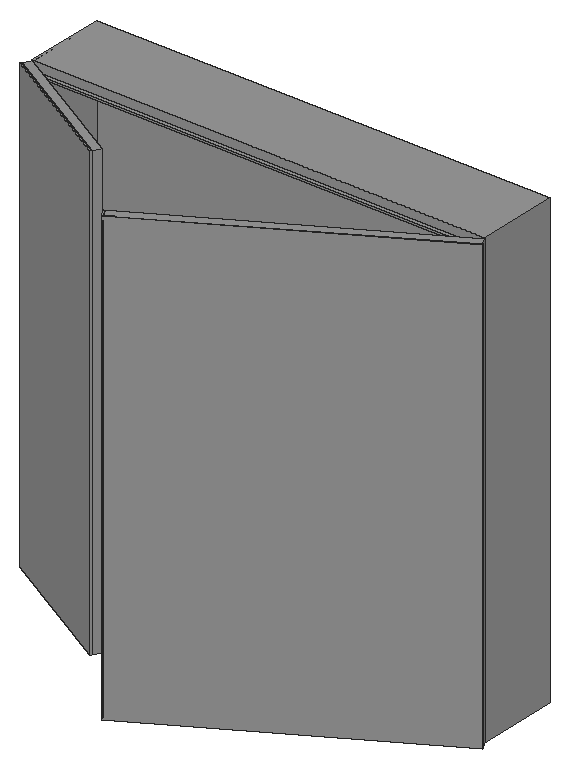
Revit family "Hager-Univers-IP44-D161-H800-Cl.II-FWQ_encl-NoHosted-NL-en", category Equipement électrique, Revit 2020
Family settings
  Configuration du panneau = Deux colonnes, circuits au sein
  Cote de connecteur circulaire = Utiliser le diamètre
  Type d'élément = Tableau de raccordement
  Basée sur le plan de construction = Oui
  Toujours verticalement = Oui
  Couper avec des vides une fois chargée = Non
  Partagée = Non
  Point de calcul de pièce = Non
Parameters (values of type "Surface mounted (plaster) IP44 W800 H800 D161  - FWQ53P")
  Width Control [instance] = if([EF000008 - Width] > Min Width, [EF000008 - Width], Min Width)  # 800 mm
  Commentaires du type = [HG000003 - Range]  # "Univers"
  Thickness Door [instance] = if([EF009171 - Material plate thickness door/cover] > 3 mm, 3 mm, [EF009171 - Material plate thickness door/cover])  # 2 mm
  Seal Frame Offset [instance] = 17 mm  # constant formula
  Plinth Visibility [instance] = [HG000027 - Plinth height] > 0 mm  # no
  Min Width [instance] = 100 mm  # constant formula
  Min Depth [instance] = (2 * [EF009170 - Material plate thickness cabinet]) + 1 mm  # 5 mm
  Min Height [instance] = 100 mm  # constant formula
  Internal Frame Depth [instance] = (Door System Depth * 0.5)  # 9 mm
  Panel Name [instance] = ""  # (empty or 0)
  Model = ""
  HG000027 - Plinth height = 0 mm
  HG000026 - Floor standing = no
  HG000024 - Bottom section height = 600 mm
  HG000023 - Double section enclosure = no
  HG000016 - Door 3d visibility [instance] = yes
  HG000015 - Clearance visibility [instance] = no
  HG000014 - Door on the right [instance] = yes
  HG000013 - Door on the left [instance] = not([HG000014 - Door on the right])  # no
  HG000012 - Door swing angle [instance] = 30.00°
  HG000010 - Asymmetric doors = yes
  HG000009 - Double swing door = yes
  HG000006 - Flush mounted = no
  HG000004 - Manufacturer reference = "FWQ53P"
  HG000003 - Range = "Univers"
  HG000002 - With door or cover = yes
  Frame Offset Bottom [instance] = 10 mm  # constant formula
  Frame Offset [instance] = 15 mm  # constant formula
  EF015940 - Cover with overpressure release = no
  EF011959 - Degree of protection (NEMA) = ""
  EF009554 - Number of openings for flange plates = 6
  EF009212 - Cover model = "EV009916 - With notch"
  EF009171 - Material plate thickness door/cover = 2 mm
  EF009170 - Material plate thickness cabinet = 2 mm
  EF008873 - Nominal current (In) = 125 A
  EF007800 - Suitable for lightning protection = no
  EF006306 - With lock = no
  EF006244 - Transparent cover/door = no
  EF005474 - Degree of protection (IP) = "EV006418 - IP44"
  EF004464 - Type of door = "EV002646 - Single"
  EF004427 - Number of modules = 180
  EF004293 - Impact strength = "EV006815 - IK09"
  EF003532 - Suitable for outdoor use = no
  EF002950 - Width in number of modular spacings = 36
  EF001613 - Circuit integrity = "EV000494 - None"
  EF001596 - Material housing = "EV000179 - Steel"
  EF001131 - Internal depth = 161 mm
  EF001088 - Extension possible = yes
  EF000437 - Number of conduit inlets = 12
  EF000339 - Type of cover = "EV001012 - Cover"
  EF000266 - Number of rows = 3
  EF000218 - Built-in depth = 0 mm
  EF000118 - With mounting plate = yes
  EF000116 - RAL-number = "9010"
  EF000049 - Depth = 161 mm
  EF000040 - Height = 800 mm
  EF000008 - Width = 800 mm
  EF000007 - Colour = "EV000202 - White"
  EF000003 - Mounting method = "EV000384 - Surface mounted (plaster)"
  Door System Leaf Tolerance [instance] = 1.5 mm  # constant formula
  Door System Depth [instance] = 18 mm  # constant formula
  Door Height [instance] = Height Control - [HG000027 - Plinth height]  # 800 mm
  Description = ""
  Default Elevation = 1219.2 mm
  Connector Offset [instance] = Height Control / 2  # 400 mm
  Fabricant = "Hager"  # constant formula
  Height Control [instance] = if([EF000040 - Height] > Min Height, [EF000040 - Height], Min Height)  # 800 mm
  Depth Control [instance] = if([EF000049 - Depth] > Min Depth, [EF000049 - Depth], Min Depth)  # 161 mm
  Bottom Top Plate Trim [instance] = 1.5 mm  # constant formula
  Plinth height Ctrl [instance] = if([HG000027 - Plinth height] > 0 mm, [HG000027 - Plinth height], 12 mm)  # 12 mm
Types (4, lengths in mm): name | Width Control | HG000010 - Asymmetric doors | HG000009 - Double swing door | HG000004 - Manufacturer reference | EF009554 - Number of openings for flange plates | EF004427 - Number of modules | EF002950 - Width in number of modular spacings | EF000437 - Number of conduit inlets | EF000266 - Number of rows | EF000008 - Width
  Surface mounted (plaster) IP44 W1050 H800 D161  - FWQ54P | 1050 | no | yes | "FWQ54P" | 8 | 240 | 48 | 16 | 4 | 1050
  Surface mounted (plaster) IP44 W300 H800 D161  - FWQ51P | 300 | no | no | "FWQ51P" | 2 | 60 | 12 | 4 | 1 | 300
  Surface mounted (plaster) IP44 W550 H800 D161  - FWQ52P | 550 | no | no | "FWQ52P" | 4 | 120 | 24 | 8 | 2 | 550
  Surface mounted (plaster) IP44 W800 H800 D161  - FWQ53P | 800 | yes | yes | "FWQ53P" | 6 | 180 | 36 | 12 | 3 | 800
Reference planes
  plane 1 "Center (Front/Back)": y = 0
  plane 2: z = 0
  plane 3 "Center (Left/Right)": x = 0
  plane 4: y = 0
  plane 5: y = 0
  plane 6: z = 0
  plane 7: x = -400
  plane 8: x = 400
  plane 9: x = 398
  plane 10: x = -398
  plane 11: z = 0
  plane 12: z = 2
  plane 13: y = -161
  plane 14: y = -2
  plane 15: x = 0
  plane 16: y = -143
  plane 17: y = -159
  plane 18: y = -141
  plane 19: x = -383
  plane 20: x = 383
  plane 21: z = 12
  plane 22: x = -383
  plane 23: x = 383
  plane 24: z = 0
  plane 25: z = 800
  plane 26: z = 800
  plane 27: z = 783
  plane 28: z = 798
Forms (mm)
  Extrusion 1, solid, material "Hager_Steel_RAL7035_Light_Grey", detail levels medium+fine
    sketch origin (-208.679, -4572, 0) x (-1, 0, 0) y (0, -1, 0)
      loop
        line (191.321, -4429) -> (-608.679, -4429) -> (-608.679, -4572) -> (191.321, -4572) -> (191.321, -4429)
    from 0 to 800
  Extrusion 2, void
    sketch origin (-350.771, -161, 1219.2) x (1, 0, 0) y (0, 0, 1)
      loop
        line (-47.229, -421.2) -> (-47.229, -1217.2) -> (748.771, -1217.2) -> (748.771, -421.2) -> (-47.229, -421.2)
    from -20 to -159
  Extrusion 3, void
    sketch origin (-290.084, -143, 1219.2) x (1, 0, 0) y (0, 0, 1)
      loop
        line (-92.916, -1207.2) -> (673.084, -1207.2) -> (673.084, -436.2) -> (-92.916, -436.2) -> (-92.916, -1207.2)
    from 0 to -2
  Extrusion 4, solid, material "Hager_Steel_RAL7035_Light_Grey", visible <- "Plinth Visibility", detail levels medium+fine
    sketch origin (0, 0, 0) x (1, 0, 0) y (0, 1, 0)
      loop
        line (-400, 0) -> (-400, -143) -> (400, -143) -> (400, 0) -> (-400, 0)
    from 0 to 12 <- "Plinth height Ctrl"
  Extrusion 5, solid, material "Hager_Steel_RAL7035_Light_Grey", detail levels coarse
    sketch origin (0, 0, 0) x (1, 0, 0) y (0, 1, 0)
      loop
        line (-400, 0) -> (-400, -161) -> (400, -161) -> (400, 0) -> (-400, 0)
    from 0 to 800 <- "Height Control"
  Sweep 6, void
    path in 3D
      loop
        line (-400, -143, 12) -> (400, -143, 12) -> (400, 0, 12) -> (-400, 0, 12) -> (-400, -143, 12)
    profile origin (-400, -71.5, 12) x (1, 0, 0) y (0, 0, 1)
      loop
        line (0, 0) -> (0, -1.5) -> (1.5, -1.5)
        arc (1.5, -1.5) -> (1.061, -0.439) -> (0, 0) r 1.5
  Extrusion 7, solid, material "Hager_Steel_RAL7035_Light_Grey", detail levels fine
    sketch origin (-400, -143, 0) x (1, 0, 0) y (0, 0, 1)
      loop
        line (17, 12) -> (783, 12) -> (783, 783) -> (17, 783) -> (17, 12)
      loop
        line (15, 10) -> (785, 10) -> (785, 785) -> (15, 785) -> (15, 10)
    from 0 to 9 <- "Internal Frame Depth"
Cuts and joins
  Extrusion 2, Extrusion 3 cuts Extrusion 1
  Sweep 6 cuts Extrusion 4
Lines and regions (mm)
  Masking region 1
    outline origin (0, 0, 0) x (1, 0, 0) y (0, 1, 0)
      loop
        line (-400, 0) -> (-400, -161) -> (400, -161) -> (400, 0) -> (-400, 0)
  Masking region 2, detail levels coarse
    outline origin (-290.084, -143, 1219.2) x (-1, 0, 0) y (0, 0, 1)
      loop
        line (-690.084, -1219.2) -> (109.916, -1219.2) -> (109.916, -419.2) -> (-690.084, -419.2) -> (-690.084, -1219.2)
  Masking region 3, detail levels coarse
    outline origin (0, 0, 0) x (0, 1, 0) y (0, 0, 1)
      loop
        line (0, 0) -> (0, 800) -> (-161, 800) -> (-161, 0) -> (0, 0)
  Masking region 4, visible <- "Plinth Visibility", detail levels medium+fine
    outline origin (0, 0, 0) x (0, 1, 0) y (0, 0, 1)
      loop
        line (-1.5, 12) -> (-141.5, 12)
        arc (-141.5, 12) -> (-141.939, 10.939) -> (-143, 10.5) r 1.5
        line (-143, 10.5) -> (-143, 0) -> (0, 0) -> (0, 10.5)
        arc (0, 10.5) -> (-1.061, 10.939) -> (-1.5, 12) r 1.5
  Masking region 5, detail levels medium+fine
    outline origin (0, 0, 594.038) x (0, 1, 0) y (0, 0, 1)
      loop
        line (0, -594.038) -> (0, 205.962) -> (-143, 205.962) -> (-143, -594.038) -> (0, -594.038)
  Masking region 6, detail levels medium+fine
    outline origin (-359.7, -143, 1211.883) x (-1, 0, 0) y (0, 0, 1)
      loop
        line (-759.7, -1211.883) -> (40.3, -1211.883) -> (40.3, -411.883) -> (-759.7, -411.883) -> (-759.7, -1211.883)
  Masking region 7, visible <- "Plinth Visibility", detail levels medium+fine
    outline origin (-320.334, -143, 1041.368) x (-1, 0, 0) y (0, 0, 1)
      loop
        line (-720.334, -1041.368) -> (79.666, -1041.368) -> (79.666, -1030.868)
        arc (79.666, -1030.868) -> (78.606, -1030.429) -> (78.166, -1029.368) r 1.5
        line (78.166, -1029.368) -> (-718.834, -1029.368)
        arc (-718.834, -1029.368) -> (-719.273, -1030.429) -> (-720.334, -1030.868) r 1.5
        line (-720.334, -1030.868) -> (-720.334, -1041.368)
  sketch lines
    curve 1: line (-400, 0, 12) -> (-400, -143, 12)
    curve 2: line (-400, -143, 12) -> (400, -143, 12)
    curve 3: line (400, 0, 12) -> (-400, 0, 12)
    curve 4: line (400, -143, 12) -> (400, 0, 12)
Dimensions and locks
  locked: plane 1 "Center (Front/Back)" to plane 5
  "EF009170 - Material plate thickness cabinet": plane 7 to plane 10
  "EF009170 - Material plate thickness cabinet": plane 8 to plane 9
  equal spacing: plane 7, plane 3 "Center (Left/Right)", plane 8
  "Width Control": plane 7 to plane 8
  "Depth Control": plane 4 to plane 13
  "EF009170 - Material plate thickness cabinet": plane 4 to plane 14
  "Height Control": plane 25 to level
  "HG000027 - Plinth height": plane 11 to level
  "EF009170 - Material plate thickness cabinet": plane 12 to plane 11
  "EF009170 - Material plate thickness cabinet": plane 17 to plane 13
  "EF009170 - Material plate thickness cabinet": plane 18 to plane 16
  "Frame Offset Bottom": plane 21 to plane 12
  "Frame Offset": plane 10 to plane 19
  "Frame Offset": plane 9 to plane 20
  "Door System Depth": plane 16 to plane 13
  "Seal Frame Offset": plane 7 to plane 22
  "Seal Frame Offset": plane 8 to plane 23
  "EF009170 - Material plate thickness cabinet": plane 26 to plane 28
  "Frame Offset": plane 28 to plane 27
  "Connector Offset": plane 2 to connector elem
  "Bottom Top Plate Trim": profile plane to Sweep 6 sketch curve
  "Bottom Top Plate Trim": Sweep 6 sketch curve to Sweep 6 sketch curve
  "Plinth height Ctrl": Masking region 4 sketch curve to level
  "Plinth height Ctrl": Masking region 7 sketch curve to level
  "Thickness Door": Extrusion 7 sketch curve to Extrusion 7 sketch curve  (x4)
  "Bottom Top Plate Trim": radius of Sweep 6 sketch curve
  "Bottom Top Plate Trim": radius of Masking region 4 sketch curve  (x2)
  "Bottom Top Plate Trim": radius of Masking region 7 sketch curve  (x2)
  aligned and locked: Extrusion 2 sketch curve to plane 12
  aligned and locked: Extrusion 2 sketch curve to plane 9
  aligned and locked: Extrusion 2 sketch curve to plane 10
  aligned and locked: Extrusion 2 to plane 14
  aligned and locked: Extrusion 1 sketch curve to plane 4
  aligned and locked: plane 8 to Extrusion 1 sketch curve
  aligned and locked: plane 7 to Extrusion 1 sketch curve
  aligned and locked: Extrusion 2 to plane 18
  aligned and locked: Extrusion 3 sketch curve to plane 19
  aligned and locked: plane 20 to Extrusion 3 sketch curve
  aligned and locked: Extrusion 3 to Extrusion 2
  aligned and locked: Extrusion 3 sketch curve to plane 21
  aligned and locked: plane 3 "Center (Left/Right)" to nested 1
  aligned and locked: Extrusion 1 sketch curve to plane 16
  aligned and locked: Extrusion 4 sketch curve to cut or joined group of Extrusion 1, Extrusion 2, Extrusion 3
  aligned and locked: Masking region 1 sketch curve to plane 7
  aligned and locked: Masking region 1 sketch curve to plane 5
  aligned and locked: Masking region 1 sketch curve to plane 8
  aligned and locked: Masking region 2 sketch curve to level
  aligned and locked: level to Masking region 3 sketch curve
  aligned and locked: plane 1 "Center (Front/Back)" to Masking region 3 sketch curve
  aligned and locked: plane 13 to Masking region 3 sketch curve
  aligned and locked: plane 5 to Masking region 4 sketch curve
  aligned and locked: Masking region 2 sketch curve to plane 8
  aligned and locked: Masking region 2 sketch curve to plane 7
  aligned and locked: plane 7 to nested 2
  aligned and locked: nested 2 to plane 5
  aligned and locked: plane 5 to Masking region 5 sketch curve
  aligned and locked: plane 26 to Masking region 5 sketch curve
  aligned and locked: Extrusion 5 sketch curve to plane 8
  aligned and locked: Extrusion 5 sketch curve to plane 7
  aligned and locked: Extrusion 5 sketch curve to plane 5
  aligned and locked: Extrusion 3 sketch curve to plane 27
  aligned and locked: Extrusion 2 sketch curve to plane 28
  aligned and locked: Masking region 2 to plane 25
  aligned and locked: Extrusion 4 to plane 16
  aligned and locked: profile plane to Sweep 6 sketch curve
  aligned and locked: Masking region 5 sketch curve to plane 24
  aligned and locked: level to Masking region 4 sketch curve
  aligned and locked: Masking region 1 to plane 13
  aligned and locked: nested 1 to plane 16
  aligned and locked: Masking region 3 to plane 25
  aligned and locked: plane 16 to Masking region 4 sketch curve
  aligned and locked: Masking region 5 sketch curve to plane 16
  aligned and locked: plane 24 to plane 11
  aligned and locked: plane 26 to plane 25
  aligned and locked: plane 26 to cut or joined group of Extrusion 1, Extrusion 2, Extrusion 3
  aligned and locked: nested 1 to plane 24
  aligned and locked: Extrusion 1 to Extrusion 3
  aligned and locked: Masking region 6 sketch curve to plane 8
  aligned and locked: Masking region 6 sketch curve to plane 24
  aligned and locked: Masking region 6 sketch curve to plane 7
  aligned and locked: Masking region 6 sketch curve to plane 26
  aligned and locked: Masking region 7 sketch curve to plane 7
  aligned and locked: level to Masking region 7 sketch curve
  aligned and locked: Masking region 7 sketch curve to plane 8
  aligned and locked: Extrusion 7 sketch curve to cut or joined group of Extrusion 1, Extrusion 2, Extrusion 3  (x4)
Automatic sketch dimensions
  plane 19 to Extrusion 3 sketch curve = 0 mm
  Extrusion 3 sketch curve to plane 20 = 0 mm
  Extrusion 3 sketch curve to plane 21 = 0 mm
  Extrusion 4 sketch curve to plane 7 = 0 mm
  Extrusion 4 sketch curve to plane 8 = 0 mm
  Extrusion 4 sketch curve to plane 16 = 0 mm
  Masking region 1 sketch curve to plane 13 = 0 mm
  Masking region 2 sketch curve to plane 25 = 0 mm
  Masking region 3 sketch curve to plane 25 = 0 mm
  Extrusion 5 sketch curve to plane 13 = 0 mm
  profile plane to Sweep 6 sketch curve = 0 mm
Nested families
  nested 1: "EC000058_Univers_Door" at (0, -143, 0), Double <- "HG000009 - Double swing door", Transparent <- "EF006244 - Transparent cover/door", Angle <- "HG000012 - Door swing angle", Door_Right <- "HG000014 - Door on the right", Assymetrical <- "HG000010 - Asymmetric doors", Door <- "HG000002 - With door or cover", Width_Ctrl <- "Width Control", 3d_Door <- "HG000016 - Door 3d visibility", Clearance <- "HG000015 - Clearance visibility", Door_Left <- "HG000013 - Door on the left", Width <- "Width Control", Door_Depth <- "Door System Depth", Leaf_Tolerance <- "Door System Leaf Tolerance", Height <- "Door Height", Lock_Visibility <- "EF006306 - With lock", Thickness <- "Thickness Door", type "EC000058_Univers_Door", detail levels medium+fine
    with min_wh 5 mm, Width_Ctrl 800 mm, Width 800 mm, Transparent no, Thickness 2 mm, Seal_Material Hager_Rubber, Lock_Visibility no, Lock_Material Hager_Plastic_RAL9005_Jet_Black, Leaf_Width 800 mm, Leaf_Tolerance_External_Sides 0 mm, Leaf_Tolerance 1.5 mm, Leaf_Offset 0 mm, Leaf_Height 797 mm, Leaf_2_Width 532.583 mm, Leaf_2_Offset 266.292 mm, Leaf_1_Width 265.917 mm, Leaf_1_Offset 132.958 mm, Height_Ctrl 800 mm, Height 800 mm, Glass_Material Hager_Glass, Double_Clearance_Ctrl no, Double yes, Door_Right_Ctrl yes, Door_Right yes, Door_Material Hager_Steel_RAL7035_Light_Grey, Door_Left_Ctrl yes, Door_Left no, Door_Depth 18 mm, Door yes, Clearance_Material Hager_Clearance, Clearance_Depth 532.583 mm, Clearance_Ctrl no, Clearance no, Assymetrical yes, Angle 30.00°, 3d_Door yes
  nested 2: "Hager_Enclosure_Symbol" at (-400, 0, 0), Height <- "Depth Control", Width <- "Width Control", type "Hager_Enclosure_Symbol"
    with Width_Ctrl 800 mm, Width 800 mm, Height_Ctrl 161 mm, Height 161 mm, A_Width_Int 10.566 mm, A_Width 126.788 mm, A_Height_Ctrl 140.875 mm, A_Height 140.875 mm
Connectors
  electrical at (0, 0, 400)
    settings: on plane 1 "Center (Front/Back)", index 1, voltage 0 V, apparent load 0 VA, apparent load phase1 0 VA, apparent load phase2 0 VA, apparent load phase3 0 VA, power factor 1, load classification "Other", number of poles 1, system type 30, power factor state 1, is connector primary yes, connector utility no, sub classification motor no, connector description ""
Definition of nested family "EC000058_Univers_Door"
  Parameters (values of type "EC000058_Univers_Door")
    min_wh [instance] = (2 * Thickness) + 1 mm  # 11 mm
    Width_Ctrl [instance] = 400 mm
    Width [instance] = 500 mm
    Transparent [instance] = yes
    Thickness [instance] = 5 mm
    Seal_Material [instance] = none
    Lock_Visibility [instance] = yes
    Lock_Material [instance] = none
    Leaf_Width [instance] = if((Width_Ctrl - 2 * Leaf_Tolerance_External_Sides) > 0 mm, (Width_Ctrl - 2 * Leaf_Tolerance_External_Sides), min_wh)  # 400 mm
    Leaf_Tolerance_External_Sides [instance] = 0 mm  # constant formula
    Leaf_Tolerance [instance] = 1.5 mm
    Leaf_Offset [instance] = 0 mm  # constant formula
    Leaf_Height [instance] = if((Height_Ctrl - 2 * Leaf_Tolerance) > 0 mm, (Height_Ctrl - 2 * Leaf_Tolerance), min_wh)  # 497 mm
    Leaf_2_Width [instance] = if(and(and(Double, Assymetrical), Door_Left), (Leaf_Width / 3) - (Leaf_Tolerance / 2), if(and(and(Double, Assymetrical), Door_Right), (Leaf_Width / 3) * 2 - (Leaf_Tolerance / 2), if(and(Double, not(Assymetrical)), (Leaf_Width / 2) - Leaf_Tolerance, Leaf_Width)))  # 400 mm
    Leaf_2_Offset [instance] = if(and(Double, Assymetrical), Leaf_2_Width / 2, if(and(Double, not(Assymetrical)), Leaf_Width / 4, Leaf_Width / 2))  # 200 mm
    Leaf_1_Width [instance] = if(and(and(Double, Assymetrical), Door_Right), (Leaf_Width / 3) - (Leaf_Tolerance / 2), if(and(and(Double, Assymetrical), Door_Left), (Width / 3) * 2 - (Leaf_Tolerance / 2), if(and(Double, not(Assymetrical)), (Leaf_Width / 2) - Leaf_Tolerance, Leaf_Width)))  # 400 mm
    Leaf_1_Offset [instance] = if(and(Double, Assymetrical), Leaf_1_Width / 2, if(and(Double, not(Assymetrical)), Leaf_Width / 4, Leaf_Width / 2))  # 200 mm
    Height_Ctrl [instance] = if(Height > min_wh, Height, min_wh)  # 500 mm
    Height [instance] = 500 mm
    Glass_Material [instance] = none
    Double_Clearance_Ctrl [instance] = and(Double, Clearance)  # no
    Double [instance] = no
    Door_Right_Ctrl [instance] = and(or(Door_Right, Double), Door)  # yes
    Door_Right [instance] = yes
    Door_Material [instance] = none
    Door_Left_Ctrl [instance] = and(or(Door_Left, Double), Door)  # no
    Door_Left [instance] = no
    Door_Depth [instance] = 30 mm
    Door [instance] = yes
    Default Elevation = 1219.2 mm
    Clearance_Material [instance] = none
    Clearance_Depth [instance] = if(Leaf_1_Width > Leaf_2_Width, Leaf_1_Width, Leaf_2_Width)  # 400 mm
    Clearance_Ctrl [instance] = and(not(Double), Clearance)  # yes
    Clearance [instance] = yes
    Assymetrical [instance] = yes
    Angle [instance] = 30.00°
    3d_Door [instance] = yes
  Reference planes
    plane 1 "Center (Front/Back)": y = 0
    plane 2 "Bottom": z = 0
    plane 3 "Center (Left/Right)": x = 0
    plane 4: z = 500
    plane 5: x = -200
    plane 6: x = 200
    plane 7: z = 500
    plane 8: x = -200
    plane 9: z = 0
    plane 10: x = 200
    plane 11: y = 0
    plane 12: z = 1.5
    plane 13: x = -600
    plane 14: y = -400
    plane 15: x = 600
    plane 16: x = 0
    plane 17: x = 0
    plane 18: x = -200
    plane 19: x = 200
    plane 20: z = 498.5
  Forms (mm)
    Extrusion 1, solid, material <- "Clearance_Material", visible <- "Double_Clearance_Ctrl"
      sketch origin (1200, 0, 0) x (1, 0, 0) y (0, 0, -1)
        loop
          line (-1800, -498.5) -> (-600, -498.5) -> (-600, 0) -> (-1800, 0) -> (-1800, -498.5)
      from 0 to -400
  Dimensions and locks
    equal spacing: plane 5, plane 3 "Center (Left/Right)", plane 6
    "Width_Ctrl": plane 5 to plane 6
    "Leaf_Offset": plane 5 to plane 8
    "Leaf_Offset": plane 6 to plane 10
    "Leaf_Offset": plane 9 to level
    "Leaf_Offset": plane 4 to plane 7
    "Height_Ctrl": plane 4 to level
    "Leaf_Tolerance": plane 12 to plane 9
    locked: plane 11 to plane 1 "Center (Front/Back)"
    "Leaf_1_Offset": plane 18 to plane 16
    "Leaf_2_Offset": plane 17 to plane 19
    "Leaf_1_Width": plane 13 to plane 8
    "Leaf_2_Width": plane 10 to plane 15
    "Clearance_Depth": plane 14 to plane 1 "Center (Front/Back)"
    "Leaf_Tolerance_External_Sides": plane 8 to plane 18
    "Leaf_Tolerance_External_Sides": plane 19 to plane 10
    "Leaf_Tolerance": plane 7 to plane 20
    aligned and locked: level to plane 2 "Bottom"
    aligned and locked: nested 1 to plane 16
    aligned and locked: nested 2 to plane 17
    aligned and locked: Extrusion 1 to plane 13
    aligned and locked: plane 15 to Extrusion 1
    aligned and locked: Extrusion 1 to plane 14
    aligned and locked: plane 12 to nested 1
    aligned and locked: nested 2 to plane 12
    aligned and locked: Extrusion 1 to plane 11
    aligned and locked: plane 20 to Extrusion 1
    aligned and locked: nested 2 to plane 11
    aligned and locked: nested 1 to plane 11
  Automatic sketch dimensions
    Extrusion 1 sketch curve to level = 0 mm
    plane 5 to Extrusion 1 sketch curve = 400 mm
    plane 6 to Extrusion 1 sketch curve = 400 mm
    Extrusion 1 sketch curve to plane 4 = 1.5 mm
  Nested families
    nested 1: "EC000058_Univers_Door_Leaf" at (0, 0, 1.5), Width <- "Leaf_1_Width", visible <- "Door_Left_Ctrl", Leaf_Height <- "Leaf_Height", Angle <- "Angle", 3d_Door <- "3d_Door", Transparent <- "Transparent", Clearance Material <- "Clearance_Material", Clearance <- "Clearance_Ctrl", Door_Material <- "Door_Material", Glass_Material <- "Glass_Material", Door_Depth <- "Door_Depth", Lock_Material <- "Lock_Material", Seal_Material <- "Seal_Material", Lock_Visibility <- "Lock_Visibility", Thickness <- "Thickness", type "EC000058_Univers_Door_Leaf"
      with Width 400 mm, Transparent_Glass_Offset 30 mm, Transparent_Ctrl yes, Transparent yes, Thickness 5 mm, Standard no, Seal_Material none, Seal_D2 8 mm, Seal_D1 1 mm, Offset_Internal_Frame 10 mm, Lock_Width 20 mm, Lock_Visibility_3d yes, Lock_Visibility yes, Lock_Thickness_3 3 mm, Lock_Thickness_2 1 mm, Lock_Thickness_1 3 mm, Lock_Radius_Offset_2 16 mm, Lock_Radius_Offset_1 15 mm, Lock_Radius_2 5 mm, Lock_Radius 6 mm, Lock_Offset 5 mm, Lock_Material none, Lock_Height 80 mm, Lock_Cover_Top_Offset_2d 17 mm, Lock_Cover_Height -65 mm, Leaf_Height 497 mm, Internal_Seal_Thickness 8 mm, Internal_Seal_Depth_2 4.5 mm, Internal_Frame_Depth 25 mm, Glass_Thickness -1 mm, Glass_Offset -2 mm, Glass_Material none, Door_Material none, Door_Depth 30 mm, Clearance Material none, Clearance yes, Angle_Ctrl 30.00°, Angle 30.00°, 3d_Door yes
    nested 2: "EC000058_Univers_Door_Leaf" at (0, 0, 1.5) x (-1, 0, 0) z (0, 0, 1), Width <- "Leaf_2_Width", visible <- "Door_Right_Ctrl", Leaf_Height <- "Leaf_Height", Angle <- "Angle", 3d_Door <- "3d_Door", Transparent <- "Transparent", Clearance Material <- "Clearance_Material", Clearance <- "Clearance_Ctrl", Door_Material <- "Door_Material", Glass_Material <- "Glass_Material", Door_Depth <- "Door_Depth", Lock_Material <- "Lock_Material", Seal_Material <- "Seal_Material", Lock_Visibility <- "Lock_Visibility", Thickness <- "Thickness", type "EC000058_Univers_Door_Leaf"
      with Width 400 mm, Transparent_Glass_Offset 30 mm, Transparent_Ctrl yes, Transparent yes, Thickness 5 mm, Standard no, Seal_Material none, Seal_D2 8 mm, Seal_D1 1 mm, Offset_Internal_Frame 10 mm, Lock_Width 20 mm, Lock_Visibility_3d yes, Lock_Visibility yes, Lock_Thickness_3 3 mm, Lock_Thickness_2 1 mm, Lock_Thickness_1 3 mm, Lock_Radius_Offset_2 16 mm, Lock_Radius_Offset_1 15 mm, Lock_Radius_2 5 mm, Lock_Radius 6 mm, Lock_Offset 5 mm, Lock_Material none, Lock_Height 80 mm, Lock_Cover_Top_Offset_2d 17 mm, Lock_Cover_Height -65 mm, Leaf_Height 497 mm, Internal_Seal_Thickness 8 mm, Internal_Seal_Depth_2 4.5 mm, Internal_Frame_Depth 25 mm, Glass_Thickness -1 mm, Glass_Offset -2 mm, Glass_Material none, Door_Material none, Door_Depth 30 mm, Clearance Material none, Clearance yes, Angle_Ctrl 30.00°, Angle 30.00°, 3d_Door yes
  Definition of nested family "EC000058_Univers_Door_Leaf"
    Parameters (values of type "EC000058_Univers_Door_Leaf")
      Width [instance] = 2000 mm
      Transparent_Glass_Offset [instance] = 30 mm
      Transparent_Ctrl [instance] = and(Transparent, [3d_Door])  # yes
      Transparent [instance] = yes
      Thickness [instance] = 5 mm
      Standard [instance] = and(not(Transparent), [3d_Door])  # no
      Seal_Material [instance] = none
      Seal_D2 [instance] = 8 mm  # constant formula
      Seal_D1 [instance] = 1 mm  # constant formula
      Offset_Internal_Frame [instance] = 10 mm  # constant formula
      Lock_Width [instance] = 20 mm  # constant formula
      Lock_Visibility_3d [instance] = and(Lock_Visibility, [3d_Door])  # yes
      Lock_Visibility [instance] = yes
      Lock_Thickness_3 [instance] = 3 mm  # constant formula
      Lock_Thickness_2 [instance] = 1 mm  # constant formula
      Lock_Thickness_1 [instance] = 3 mm  # constant formula
      Lock_Radius_Offset_2 [instance] = Lock_Radius_Offset_1 + 1 mm  # 16 mm
      Lock_Radius_Offset_1 [instance] = 15 mm  # constant formula
      Lock_Radius_2 [instance] = Lock_Radius - 1 mm  # 5 mm
      Lock_Radius [instance] = 6 mm  # constant formula
      Lock_Offset [instance] = 5 mm  # constant formula
      Lock_Material [instance] = none
      Lock_Height [instance] = 80 mm  # constant formula
      Lock_Cover_Top_Offset_2d [instance] = Lock_Radius_Offset_2 + 1 mm  # 17 mm
      Lock_Cover_Height [instance] = -(Lock_Height - Lock_Radius_Offset_1)  # -65 mm
      Leaf_Height [instance] = 2720.336 mm
      Internal_Seal_Thickness [instance] = 8 mm  # constant formula
      Internal_Seal_Depth_2 [instance] = 4.5 mm  # constant formula
      Internal_Frame_Depth [instance] = if(Door_Depth - Thickness > 5 mm, Door_Depth - Thickness, 5 mm)  # 25 mm
      Glass_Thickness [instance] = if(Thickness > 15 mm, Glass_Offset + 10 mm, -1 mm)  # -1 mm
      Glass_Offset [instance] = if(Thickness > 15 mm, -(Thickness + 10 mm) / 2, -2 mm)  # -2 mm
      Glass_Material [instance] = none
      Door_Material [instance] = none
      Door_Depth [instance] = 30 mm
      Default Elevation = 0 mm
      Clearance Material [instance] = none
      Clearance [instance] = yes
      Angle_Ctrl [instance] = if(Angle > 180.00°, 180.00°, Angle)  # 90.00°
      Angle [instance] = 90.00°
      3d_Door [instance] = yes
    Reference planes
      plane 1 "Center (Front/Back)": y = 0
      plane 2: z = 0
      plane 3 "Center (Left/Right)": x = 0
      plane 4: y = 2000
      plane 5: x = -1000
      plane 6: x = 1000
      plane 7: x = -3000
      plane 8: z = 2720.336
      plane 9: z = 30
      plane 10: z = 2690.336
      plane 11: x = 970
      plane 12: x = -970
      plane 13: y = -3
      plane 14: z = 107.833
      plane 15: y = -5
      plane 16: y = -223.314
      plane 17: x = -1000
      plane 18: z = 1360.168
      plane 19: y = 30
    Forms (mm)
      Extrusion 1, solid, material <- "Clearance Material", visible <- "Clearance"
        sketch origin (0, 0, 0) x (1, 0, 0) y (0, 0, 1)
          loop
            line (-3000, 2720.336) -> (-3000, 0) -> (1000, 0) -> (1000, 2720.336) -> (-3000, 2720.336)
        from 0 to -2000
      Extrusion 2, solid, material <- "Door_Material", visible <- "Standard", detail levels medium+fine
        sketch origin (-1000, 0, 0) x (0, 1, 0) y (-1, 0, 0)
          loop
            line (0, 30) -> (0, 25) -> (2000, 25) -> (2000, 30) -> (0, 30)
        from 0 to 2720.336 <- "Leaf_Height"
      Extrusion 3, solid, material <- "Door_Material", visible <- "Transparent_Ctrl", detail levels medium+fine
        sketch origin (-1000, 0, 0) x (0, 1, 0) y (-1, 0, 0)
          loop
            line (0, 25) -> (2000, 25) -> (2000, 30) -> (0, 30) -> (0, 25)
        from 0 to 2720.336 <- "Leaf_Height"
      Extrusion 4, void
        sketch origin (-1025, 2000, 0) x (0, 1, 0) y (0, 0, -1)
          loop
            line (-30, -2690.336) -> (-30, -30) -> (-1970, -30) -> (-1970, -2690.336) -> (-30, -2690.336)
        from 0 to 5 <- "Thickness"
      Sweep 5, solid, material <- "Seal_Material", visible <- "Transparent_Ctrl", detail levels fine
        path in 3D
          loop
            line (-1025, 30, 30) -> (-1025, 30, 2690.336) -> (-1025, 1970, 2690.336) -> (-1025, 1970, 30) -> (-1025, 30, 30)
        profile origin (-1025, 1000, 30) x (1, 0, 0) y (0, 0, 1)
          loop
            line (0, 0) -> (0, -8) -> (1, -8) -> (1, 0) -> (0, 0)
      Extrusion 6, solid, material <- "Glass_Material", visible <- "Transparent_Ctrl", detail levels medium+fine
        sketch origin (-1030, 0, 0) x (0, 1, 0) y (0, 0, -1)
          loop
            line (1970, -2690.336) -> (1970, -30) -> (30, -30) -> (30, -2690.336) -> (1970, -2690.336)
        from -2 <- "Glass_Offset" to -1 <- "Glass_Thickness"
      Extrusion 7, solid, material <- "Door_Material", visible <- "3d_Door", detail levels medium+fine
        sketch origin (-1025, 2000, 0) x (0, -1, 0) y (0, 0, -1)
          loop
            line (0, -2720.336) -> (2000, -2720.336) -> (2000, 0) -> (0, 0) -> (0, -2720.336)
          loop
            line (1995, -5) -> (5, -5) -> (5, -2715.336) -> (1995, -2715.336) -> (1995, -5)
        from 0 to 25 <- "Internal_Frame_Depth"
      Sweep 8, solid, material <- "Seal_Material", visible <- "Transparent_Ctrl", detail levels fine
        path in 3D
          loop
            line (-1025, 0, 0) -> (-1025, 2000, 0) -> (-1025, 2000, 2720.336) -> (-1025, 0, 2720.336) -> (-1025, 0, 0)
        profile origin (-1025, 0, 1360.168) x (1, 0, 0) y (0, 1, 0)
          loop
            line (0, 10) -> (2.975, 10)
            arc (2.975, 10) -> (4.053, 10.447) -> (4.5, 11.525) r 1.525
            line (4.5, 11.525) -> (4.5, 16.527)
            arc (4.5, 16.527) -> (4.069, 17.569) -> (3.027, 18) r 1.473
            line (3.027, 18) -> (0, 18) -> (0, 10)
      Extrusion 9, solid, material <- "Lock_Material", visible <- "Lock_Visibility_3d", detail levels fine
        sketch origin (-1030, 0, 0) x (0, 1, 0) y (0, 0, -1)
          loop
            arc (1993.5, -1400.168) -> (1994.561, -1399.729) -> (1995, -1398.668) r 1.5
            line (1995, -1398.668) -> (1995, -1320.168) -> (1975, -1320.168) -> (1975, -1398.668)
            arc (1975, -1398.668) -> (1975.439, -1399.729) -> (1976.5, -1400.168) r 1.5
            line (1976.5, -1400.168) -> (1993.5, -1400.168)
        from 3 <- "Lock_Thickness_1" to 0
      Blend 10, solid, material <- "Lock_Material", visible <- "Lock_Visibility_3d", detail levels fine
        base sketch origin (-1033, 0, 0) x (0, 1, 0) y (0, 0, -1)
          loop
            line (1975, -1320.168) -> (1975, -1398.668)
            arc (1975, -1398.668) -> (1975.439, -1399.729) -> (1976.5, -1400.168) r 1.5
            line (1976.5, -1400.168) -> (1993.5, -1400.168)
            arc (1993.5, -1400.168) -> (1994.561, -1399.729) -> (1995, -1398.668) r 1.5
            line (1995, -1398.668) -> (1995, -1320.168) -> (1975, -1320.168)
        top sketch origin (-1033, 0, 0) x (0, 1, 0) y (0, 0, -1)
          loop
            line (1976, -1320.168) -> (1976, -1398.668)
            arc (1976, -1398.668) -> (1976.146, -1399.022) -> (1976.5, -1399.168) r 0.5
            line (1976.5, -1399.168) -> (1993.5, -1399.168)
            arc (1993.5, -1399.168) -> (1993.854, -1399.022) -> (1994, -1398.668) r 0.5
            line (1994, -1398.668) -> (1994, -1320.168) -> (1976, -1320.168)
        from 0 to 1 <- "Lock_Thickness_2"
      Blend 11, solid, material <- "Lock_Material", visible <- "Lock_Visibility_3d", detail levels fine
        base sketch origin (-1034, 0, 0) x (0, 1, 0) y (0, 0, -1)
          loop
            line (1978, -1320.168) -> (1978, -1384.168)
            arc (1978, -1384.168) -> (1985, -1391.168) -> (1992, -1384.168) r 7
            line (1992, -1384.168) -> (1992, -1320.168) -> (1978, -1320.168)
        top sketch origin (-1034, 0, 0) x (0, 1, 0) y (0, 0, -1)
          loop
            line (1991, -1320.168) -> (1979, -1320.168) -> (1979, -1383.168)
            arc (1979, -1383.168) -> (1985, -1389.168) -> (1991, -1383.168) r 6
            line (1991, -1383.168) -> (1991, -1320.168)
        from 0 to 3 <- "Lock_Thickness_3"
      Extrusion 12, solid, material <- "Lock_Material", visible <- "Lock_Visibility_3d", detail levels fine
        sketch origin (-1030, 1975, 1320.168) x (1, 0, 0) y (0, -1, 0)
          loop
            line (-7, -19) -> (-7, -1) -> (0, -1) -> (0, 0) -> (-8, 0) -> (-8, -20) -> (0, -20) -> (0, -19) -> (-7, -19)
        from 0 to -65 <- "Lock_Cover_Height"
      Extrusion 13, void
        sketch origin (-1038, 1995, 1320.168) x (-1, 0, 0) y (0, 0, -1)
          loop
            line (-5, -65) -> (0, -65) -> (-5, -60) -> (-5, -65)
        from 0 to 20 <- "Lock_Width"
      Extrusion 14, void
        sketch origin (-1038, 1975, 1320.168) x (0, -1, 0) y (0, 0, -1)
          loop
            circle (-10, -15.995) r 6
          loop
            circle (-10, -15.995) r 5
        from 0 to 2
      Extrusion 15, solid, material <- "Lock_Material", visible <- "Lock_Visibility_3d", detail levels medium
        sketch origin (-1030, 0, 0) x (0, 1, 0) y (0, 0, -1)
          loop
            arc (1993.5, -1400.168) -> (1994.561, -1399.729) -> (1995, -1398.668) r 1.5
            line (1995, -1398.668) -> (1995, -1320.168) -> (1975, -1320.168) -> (1975, -1398.668)
            arc (1975, -1398.668) -> (1975.439, -1399.729) -> (1976.5, -1400.168) r 1.5
            line (1976.5, -1400.168) -> (1993.5, -1400.168)
        from 8 to 0
    Cuts and joins
      Extrusion 4 cuts Extrusion 3
      Extrusion 13, Extrusion 14 cuts Extrusion 9
      Extrusion 14 cuts Blend 11
      Extrusion 13, Extrusion 14 cuts Extrusion 12
      joined: Extrusion 9, Blend 10, Blend 11, Extrusion 12
      Extrusion 14 cuts Extrusion 15
    Lines and regions (mm)
      Masking region 1, visible <- "Lock_Visibility", detail levels fine
        outline origin (0, 0, 0) x (0, 1, 0) y (0, 0, 1)
          loop
            line (30, 1320.168) -> (33, 1320.168) -> (33, 1400.168) -> (30, 1400.168) -> (30, 1320.168)
      Masking region 2, visible <- "Lock_Visibility", detail levels fine
        outline origin (0, 3.143, 0) x (0, 1, 0) y (0, 0, 1)
          loop
            line (29.857, 1354.168) -> (30.857, 1354.168) -> (30.857, 1366.168) -> (29.857, 1366.168) -> (29.857, 1354.168)
      Masking region 3, detail levels medium+fine
        outline origin (0, 0, 0) x (0, 1, 0) y (0, 0, 1)
          loop
            line (0, 0) -> (30, 0) -> (30, 2720.336) -> (0, 2720.336) -> (0, 0)
      Masking region 4, detail levels medium+fine
        outline origin (0, 0, 0) x (1, 0, 0) y (0, 0, 1)
          loop
            line (-1000, 2720.336) -> (-1000, 0) -> (1000, 0) -> (1000, 2720.336) -> (-1000, 2720.336)
      Masking region 5, visible <- "Lock_Visibility", detail levels fine
        outline origin (-47.116, 0, 0) x (1, 0, 0) y (0, 0, 1)
          loop
            arc (1024.616, 1399.168) -> (1023.556, 1398.729) -> (1023.116, 1397.668) r 1.5
            line (1023.116, 1397.668) -> (1023.116, 1320.168) -> (1041.116, 1320.168) -> (1041.116, 1397.668)
            arc (1041.116, 1397.668) -> (1040.677, 1398.729) -> (1039.616, 1399.168) r 1.5
            line (1039.616, 1399.168) -> (1024.616, 1399.168)
      Masking region 6, visible <- "Lock_Visibility", detail levels medium+fine
        outline origin (-25, 0, 0) x (1, 0, 0) y (0, 0, 1)
          loop
            arc (1001.5, 1400.168) -> (1000.439, 1399.729) -> (1000, 1398.668) r 1.5
            line (1000, 1398.668) -> (1000, 1320.168) -> (1020, 1320.168) -> (1020, 1398.668)
            arc (1020, 1398.668) -> (1019.561, 1399.729) -> (1018.5, 1400.168) r 1.5
            line (1018.5, 1400.168) -> (1001.5, 1400.168)
      Masking region 7, visible <- "Lock_Visibility", detail levels fine
        outline origin (-73.735, 0, 0) x (1, 0, 0) y (0, 0, 1)
          loop
            line (1051.735, 1382.168) -> (1065.735, 1382.168) -> (1065.735, 1384.168)
            arc (1065.735, 1384.168) -> (1058.735, 1391.168) -> (1051.735, 1384.168) r 7
            line (1051.735, 1384.168) -> (1051.735, 1382.168)
      Masking region 8, visible <- "Lock_Visibility", detail levels fine
        outline origin (-73.735, 0, 0) x (1, 0, 0) y (0, 0, 1)
          loop
            line (1052.735, 1382.168) -> (1064.735, 1382.168) -> (1064.735, 1383.168)
            arc (1064.735, 1383.168) -> (1058.735, 1389.168) -> (1052.735, 1383.168) r 6
            line (1052.735, 1383.168) -> (1052.735, 1382.168)
      Masking region 9, visible <- "Lock_Visibility", detail levels fine
        outline origin (-25, 0, 0) x (1, 0, 0) y (0, 0, 1)
          loop
            line (1020, 1320.168) -> (1020, 1382.168) -> (1000, 1382.168) -> (1000, 1320.168) -> (1020, 1320.168)
      Masking region 10, detail levels medium+fine
        outline origin (0, 0, 0) x (1, 0, 0) y (0, 0, 1)
          loop
            circle (985, 1335.144) r 6
      Masking region 11, detail levels fine
        outline origin (0, 0, 0) x (1, 0, 0) y (0, 0, 1)
          loop
            circle (985, 1335.144) r 5
      Masking region 12, visible <- "Lock_Visibility", detail levels fine
        outline origin (0, 12.767, 0) x (0, 1, 0) y (0, 0, 1)
          loop
            line (20.233, 1320.168) -> (21.233, 1320.168) -> (21.233, 1399.168) -> (20.233, 1400.168) -> (20.233, 1320.168)
      Masking region 13, visible <- "Lock_Visibility", detail levels fine
        outline origin (0, 13.767, -10) x (0, 1, 0) y (0, 0, 1)
          loop
            line (20.233, 1330.168) -> (23.233, 1330.168) -> (23.233, 1399.168) -> (20.233, 1402.168) -> (20.233, 1330.168)
      Masking region 14, visible <- "Lock_Visibility", detail levels fine
        outline origin (0, 12.767, -10) x (0, 1, 0) y (0, 0, 1)
          loop
            line (20.233, 1330.168) -> (25.233, 1330.168) -> (25.233, 1399.305) -> (20.233, 1394.305) -> (20.233, 1330.168)
      Masking region 15, visible <- "Lock_Visibility", detail levels medium
        outline origin (0, 0, 0) x (0, 1, 0) y (0, 0, 1)
          loop
            line (30, 1320.168) -> (38, 1320.168) -> (38, 1400.168) -> (30, 1400.168) -> (30, 1320.168)
      Masking region 16, visible <- "Lock_Visibility", detail levels fine
        outline origin (-1000, 0, 0) x (0, 1, 0) y (-1, 0, 0)
          loop
            line (1975, 30) -> (1995, 30) -> (1995, 38) -> (1975, 38) -> (1975, 30)
          loop
            line (1979, 37) -> (1976, 37) -> (1976, 34) -> (1978, 34) -> (1979, 37)
          loop
            line (1994, 37) -> (1991, 37) -> (1992, 34) -> (1994, 34) -> (1994, 37)
      Masking region 17, visible <- "Lock_Visibility", detail levels medium
        outline origin (-1000, 0, 0) x (0, 1, 0) y (-1, 0, 0)
          loop
            line (1975, 30) -> (1995, 30) -> (1995, 38) -> (1975, 38) -> (1975, 30)
      symbolic lines
        curve 1: line (1000, 0, 0) -> (-3000, 0, 0)
        curve 2: arc (1000, 0, 0) -> (-1000, 2000, 0) -> (-3000, 0, 0) r 2000
        curve 4: line (-1030, 0, 0) -> (-1030, 2000, 0)
      reference lines
        curve 3: line (-1000, 0, 0) -> (-1000, 2000, 0)
      symbolic lines, detail levels medium+fine
        curve 5: line (-1030, 2000, 0) -> (-1025, 2000, 0)
        curve 7: line (-1025, 0, 0) -> (-1030, 0, 0)
        curve 8: line (-1025, 0, 0) -> (-1000, 0, 0)
        curve 9: line (-1000, 0, 0) -> (-1000, 2000, 0)
        curve 10: line (-1000, 2000, 0) -> (-1025, 2000, 0)
      symbolic lines, detail levels fine
        curve 6: line (-1025, 2000, 0) -> (-1025, 0, 0)
      sketch lines
        curve 11: line (-1025, 0, 2720.336) -> (-1025, 0, 0)
        curve 12: line (-1025, 2000, 0) -> (-1025, 0, 0)
        curve 13: line (-1025, 2000, 2720.336) -> (-1025, 2000, 0)
        curve 14: line (-1025, 0, 2720.336) -> (-1025, 2000, 2720.336)
        curve 15: line (-1025, 1970, 30) -> (-1025, 30, 30)
        curve 16: line (-1025, 30, 30) -> (-1025, 30, 2690.336)
        curve 17: line (-1025, 1970, 2690.336) -> (-1025, 1970, 30)
        curve 18: line (-1025, 30, 2690.336) -> (-1025, 1970, 2690.336)
      symbolic lines, visible <- "Transparent", detail levels medium+fine
        curve 19: line (-970, 0, 2690.336) -> (970, 0, 2690.336)
        curve 20: line (-970, 0, 30) -> (-970, 0, 2690.336)
        curve 21: line (970, 0, 30) -> (-970, 0, 30)
        curve 22: line (970, 0, 2690.336) -> (970, 0, 30)
    Dimensions and locks
      "Width": plane 1 "Center (Front/Back)" to plane 4
      equal spacing: plane 5, plane 3 "Center (Left/Right)", plane 6
      "Width": plane 5 to plane 6
      "Width": plane 7 to plane 5
      "Leaf_Height": plane 8 to level
      "Width": curve 5 to curve 3
      "Width": curve 3 to curve 3
      plane 8 to plane 10 = 30 mm
      plane 9 to level = 30 mm
      plane 12 to plane 5 = 30 mm
      plane 6 to plane 11 = 30 mm
      Extrusion 1 to Extrusion 4 sketch curve = 30 mm
      "Transparent_Glass_Offset": curve 3 to Extrusion 4 sketch curve
      "Transparent_Glass_Offset": Extrusion 4 sketch curve to cut or joined group of Extrusion 3, Extrusion 4  (x2)
      cut or joined group of Extrusion 3, Extrusion 4 to Extrusion 6 sketch curve = 30 mm
      "Transparent_Glass_Offset": cut or joined group of Extrusion 3, Extrusion 4 to Extrusion 4 sketch curve
      "Thickness": curve 6 to curve 4
      "Thickness": Extrusion 7 sketch curve to Extrusion 7 sketch curve  (x4)
      "Door_Depth": curve 4 to curve 3
      "Offset_Internal_Frame": profile plane to Sweep 8 sketch curve
      "Internal_Seal_Thickness": Sweep 8 sketch curve to Sweep 8 sketch curve
      "Internal_Seal_Depth_2": profile plane to Sweep 8 sketch curve
      "Seal_D1": profile plane to Sweep 5 sketch curve
      "Seal_D2": profile plane to Sweep 5 sketch curve
      "Thickness": Extrusion 2 sketch curve to Extrusion 2 sketch curve
      equal spacing: Extrusion 9 sketch curve, plane 18, Extrusion 9 sketch curve  (x2)
      equal spacing: Masking region 1 sketch curve, plane 18, Masking region 1 sketch curve
      "Lock_Height": Masking region 1 sketch curve to Masking region 1 sketch curve
      "Lock_Radius": Masking region 2 sketch curve to plane 18 to Masking region 2 sketch curve
      Masking region 2 sketch curve to Masking region 1 = 1 mm
      "Door_Depth": plane 19 to plane 1 "Center (Front/Back)"
      "Lock_Thickness_1": Masking region 1 sketch curve to plane 19
      "Lock_Width": Extrusion 9 sketch curve to Extrusion 9 sketch curve
      "Lock_Height": Extrusion 9 sketch curve to Extrusion 9 sketch curve
      "Lock_Offset": cut or joined group of Extrusion 3, Extrusion 4 to Extrusion 9 sketch curve
      equal spacing: plane 8, plane 18, level
      "Lock_Radius_Offset_1": Blend 11 sketch curve to Blend 10
      locked: Blend 10 to Blend 11 sketch curve at 2  (x2)
      locked: var sketch to Blend 11 sketch curve at 1  (x2)
      "Lock_Radius_Offset_2": Blend 11 sketch curve to Blend 10
      locked: Extrusion 12 sketch curve to Extrusion 12 sketch curve at 1  (x3)
      Masking region 6 sketch curve to Masking region 6 sketch curve = 80 mm
      "Lock_Height": Masking region 6 sketch curve to Masking region 6 sketch curve
      "Lock_Width": Masking region 6 sketch curve to Masking region 6 sketch curve
      locked: Masking region 6 to Masking region 5 sketch curve at 1  (x3)
      locked: Masking region 5 to Masking region 7 sketch curve at 2  (x2)
      "Lock_Radius_Offset_1": Masking region 5 to Masking region 7 sketch curve
      "Lock_Radius_Offset_2": Masking region 5 to Masking region 8 sketch curve
      locked: Masking region 7 to Masking region 8 sketch curve at 1  (x2)
      "Lock_Cover_Top_Offset_2d": Masking region 5 to Masking region 9 sketch curve
      equal spacing: Masking region 9, Masking region 10 sketch curve, Masking region 9
      equal spacing: Masking region 9, Masking region 11 sketch curve, Masking region 9
      Extrusion 15 sketch curve to Extrusion 15 sketch curve = 80 mm
      "Lock_Width": Extrusion 15 sketch curve to Extrusion 15 sketch curve
      "Lock_Height": Extrusion 15 sketch curve to Extrusion 15 sketch curve
      equal spacing: Extrusion 15 sketch curve, plane 18, Extrusion 15 sketch curve
      "Lock_Thickness_3": Masking region 13 sketch curve to Masking region 13 sketch curve
      "Lock_Height": Masking region 12 sketch curve to Masking region 12 sketch curve
      locked: Masking region 13 sketch curve to Masking region 1 at 8
      locked: Masking region 14 sketch curve to Masking region 13 at 1
      locked: Masking region 14 sketch curve to Masking region 1 at 10.863
      "Lock_Height": Masking region 15 sketch curve to Masking region 15 sketch curve
      "Lock_Offset": Extrusion 15 sketch curve to cut or joined group of Extrusion 3, Extrusion 4
      "Lock_Offset": plane 6 to Masking region 6 sketch curve
      radius of Sweep 8 sketch curve = 1.525 mm
      radius of Sweep 8 sketch curve = 1.473 mm
      radius of Extrusion 9 sketch curve = 1.5 mm  (x2)
      "Lock_Radius": radius of Extrusion 14 sketch curve
      "Lock_Radius_2": radius of Extrusion 14 sketch curve
      "Lock_Radius": radius of Masking region 10 sketch curve
      "Lock_Radius_2": radius of Masking region 11 sketch curve
      radius of Extrusion 15 sketch curve = 1.5 mm  (x2)
      "Angle_Ctrl": angle plane 1 "Center (Front/Back)" to curve 3
      locked: Masking region 12 sketch curve to Masking region 12 sketch curve (angle 45.00°)
      locked: Masking region 13 sketch curve to Masking region 13 sketch curve (angle 45.00°)
      locked: Masking region 14 sketch curve to Masking region 14 sketch curve (angle 45.00°)
      aligned and locked: level to plane 2
      aligned and locked: Extrusion 1 to curve 1
      aligned and locked: plane 6 to Extrusion 1
      aligned and locked: Extrusion 1 to plane 1 "Center (Front/Back)"
      aligned and locked: plane 4 to Extrusion 1
      aligned and locked: plane 8 to Extrusion 1
      aligned and locked: curve 7 to Extrusion 2 sketch curve
      aligned and locked: curve 5 to Extrusion 2 sketch curve
      aligned and locked: curve 7 to Extrusion 3 sketch curve
      aligned and locked: Extrusion 3 sketch curve to curve 4
      aligned and locked: Extrusion 3 sketch curve to curve 6
      aligned and locked: Extrusion 3 sketch curve to curve 5
      aligned and locked: curve 9 to curve 3
      aligned and locked: Extrusion 7 sketch curve to cut or joined group of Extrusion 3, Extrusion 4  (x4)
      aligned and locked: plane 17 to curve 3
      aligned and locked: plane 1 "Center (Front/Back)" to curve 3
      aligned and locked: plane 17 to plane 5
      aligned and locked: Sweep 8 sketch curve to profile plane
      aligned and locked: Sweep 5 sketch curve to profile plane  (x2)
      aligned and locked: Masking region 1 to Masking region 2 sketch curve
      aligned and locked: plane 19 to Masking region 1 sketch curve
      aligned and locked: plane 1 "Center (Front/Back)" to Masking region 3 sketch curve
      aligned and locked: plane 19 to Masking region 3 sketch curve
      aligned and locked: level to Masking region 3 sketch curve
      aligned and locked: Masking region 3 sketch curve to plane 8
      aligned and locked: plane 17 to Masking region 4 sketch curve
      aligned and locked: level to Masking region 4 sketch curve
      aligned and locked: Masking region 4 sketch curve to plane 8
      aligned and locked: plane 12 to curve 20
      aligned and locked: plane 10 to curve 19
      aligned and locked: plane 11 to curve 22
      aligned and locked: curve 21 to plane 9
      aligned and locked: Extrusion 2 sketch curve to cut or joined group of Extrusion 3, Extrusion 4
      aligned and locked: Blend 10 sketch curve to Extrusion 9  (x4)
      aligned and locked: Extrusion 9 to Blend 10 sketch curve
      aligned and locked: Blend 10 to Blend 11 sketch curve
      aligned and locked: Extrusion 12 sketch curve to Blend 11
      aligned and locked: Extrusion 12 sketch curve to Extrusion 9  (x4)
      aligned and locked: Masking region 5 sketch curve to Masking region 6
      aligned and locked: Masking region 9 sketch curve to Masking region 6  (x3)
      aligned and locked: Masking region 12 sketch curve to Masking region 1
      aligned and locked: Masking region 13 sketch curve to Masking region 1
      aligned and locked: Masking region 12 to Masking region 14
      aligned and locked: Masking region 14 sketch curve to Masking region 1
      aligned and locked: Masking region 15 sketch curve to Masking region 14
      aligned and locked: Masking region 13 sketch curve to Masking region 12
      aligned and locked: Masking region 16 sketch curve to cut or joined group of Extrusion 14, Extrusion 15  (x4)
      aligned and locked: Masking region 16 sketch curve to cut or joined group of Extrusion 9, Blend 10, Blend 11, Extrusion 12, Extrusion 13, Extrusion 14  (x6)
      aligned and locked: cut or joined group of Extrusion 9, Blend 10, Blend 11, Extrusion 12, Extrusion 13, Extrusion 14 to Masking region 16 sketch curve
      aligned and locked: Masking region 17 sketch curve to cut or joined group of Extrusion 14, Extrusion 15  (x3)
      aligned and locked: Masking region 17 sketch curve to cut or joined group of Extrusion 9, Blend 10, Blend 11, Extrusion 12, Extrusion 13, Extrusion 14
      aligned and locked: Masking region 9 to Masking region 8 sketch curve
      aligned and locked: Masking region 9 to Masking region 7 sketch curve
    Automatic sketch dimensions
      plane 1 "Center (Front/Back)" to curve 2 = 0 mm
      curve 2 to plane 5 = 0 mm
      Extrusion 1 sketch curve to level = 0 mm
      Extrusion 1 sketch curve to plane 7 = 0 mm
      Extrusion 1 sketch curve to plane 6 = 0 mm
      Extrusion 1 sketch curve to plane 8 = 0 mm
      Extrusion 3 to Extrusion 6 sketch curve = 30 mm  (x4)
      Masking region 4 sketch curve to plane 6 = 0 mm
      Blend 10 sketch curve to Extrusion 9 = 1.5 mm
      Blend 10 sketch curve to Extrusion 9 = 1 mm
      Extrusion 13 sketch curve to Extrusion 12 = 0 mm  (x2)
      Extrusion 12 to Extrusion 13 sketch curve = 3 mm
      Extrusion 13 sketch curve to Extrusion 12 = 5 mm
      Extrusion 14 sketch curve to Extrusion 14 sketch curve = 0 mm  (x2)
      Extrusion 14 sketch curve to Extrusion 12 = 10 mm
      Extrusion 14 sketch curve to Extrusion 12 = 15.995 mm
      Masking region 5 sketch curve to Masking region 5 sketch curve = 1.5 mm  (x2)
      Masking region 10 sketch curve to plane 18 = 25.024 mm
      Masking region 11 sketch curve to plane 18 = 25.024 mm
      plane 19 to Masking region 14 sketch curve = 3 mm
      Masking region 16 sketch curve to Masking region 16 sketch curve = 3 mm
      curve 4 to curve 3 = 0 mm
      Blend 10 to Blend 11 sketch curve = 0 mm
      Masking region 6 sketch curve to Masking region 6 sketch curve = 1.5 mm  (x2)
      Masking region 6 sketch curve to plane 18 = 40 mm
      plane 19 to Masking region 12 sketch curve = 3 mm
      Masking region 12 sketch curve to Masking region 12 sketch curve = 1 mm
      Masking region 15 sketch curve to plane 19 = 0 mm
      Masking region 15 sketch curve to plane 18 = 40 mm
      radius of Blend 10 sketch curve to Extrusion 9 = 1 mm
Definition of nested family "Hager_Enclosure_Symbol"
  Parameters (values of type "Hager_Enclosure_Symbol")
    Width_Ctrl [instance] = if(Width > 1 mm, Width, 1 mm)  # 102.27 mm
    Width [instance] = 102.27 mm
    Height_Ctrl [instance] = if(Height > 1 mm, Height, 1 mm)  # 66.5 mm
    A_Width_Int [instance] = if(A_Width / 12 > 2 mm, A_Width / 12, 2 mm)  # 4.364 mm
    A_Width [instance] = if(A_Height_Ctrl * 0.9 > 2 mm, A_Height_Ctrl * 0.9, 2 mm)  # 52.369 mm
    A_Height_Ctrl [instance] = if(A_Height > 2 mm, A_Height, 2 mm)  # 58.188 mm
    Height [instance] = 66.5 mm
    A_Height [instance] = Height - (Height / 8)  # 58.188 mm
  Reference planes
    plane 1 "Centre (avant/arrière)": y = 0
    plane 2: z = 0
    plane 3 "Centre (gauche/droite)": x = 0
    plane 4: x = 52.369
    plane 5: y = 33.042
    plane 6: y = 41.77
    plane 7: y = 66.5
    plane 8: x = 26.184
    plane 9: y = 37.406
    plane 10: x = 102.27
    plane 11: y = 66.5
    plane 12: y = 8.313
  Lines and regions (mm)
    Filled region 1, type "Solid_Black", in view "Niveau de réf."
      outline origin (0, 0, 0) x (1, 0, 0) y (0, 1, 0)
        loop
          line (52.369, 66.5) -> (33.188, 54.536) -> (45.365, 45.006) -> (52.369, 66.5)
    Filled region 2, type "Solid_Black", in view "Niveau de réf."
      outline origin (0, 0, 0) x (1, 0, 0) y (0, 1, 0)
        loop
          line (0, 0) -> (102.27, 0) -> (102.27, 66.5) -> (0, 0)
    detail lines, in view "Niveau de réf."
      curve 1: line (0, 8.313, 0) -> (26.184, 41.77, 0)
      curve 2: line (26.184, 41.77, 0) -> (26.184, 33.042, 0)
      curve 3: line (26.184, 33.042, 0) -> (52.369, 66.5, 0)
  Dimensions and locks
    "A_Width": plane 3 "Centre (gauche/droite)" to plane 4
    equal spacing: plane 3 "Centre (gauche/droite)", plane 8, plane 4
    equal spacing: plane 6, plane 9, plane 5
    equal spacing: curve 3, Filled region 1 sketch curve, Filled region 1 sketch curve
    "Height_Ctrl": plane 1 "Centre (avant/arrière)" to plane 11
    "A_Height_Ctrl": plane 11 to plane 12
    equal spacing: plane 11, plane 9, plane 12
    "A_Width_Int": plane 6 to plane 9
    "Width_Ctrl": plane 3 "Centre (gauche/droite)" to plane 10
    angle Filled region 1 sketch curve to curve 3 = 20.00°
    angle curve 3 to Filled region 1 sketch curve = 20.00°
    locked: curve 3 to Filled region 1 sketch curve (angle 90.00°)
    aligned and locked: plane 10 to Filled region 2
    aligned and locked: plane 11 to Filled region 2 sketch curve
    aligned and locked: plane 10 to Filled region 2 sketch curve
    aligned and locked: plane 3 "Centre (gauche/droite)" to curve 1
    aligned and locked: plane 12 to curve 1
    aligned and locked: plane 7 to plane 11
  Automatic sketch dimensions
    Filled region 1 sketch curve to plane 4 = 0 mm
    Filled region 1 sketch curve to plane 7 = 0 mm
    plane 1 "Centre (avant/arrière)" to Filled region 2 sketch curve = 0 mm
    Filled region 2 sketch curve to plane 3 "Centre (gauche/droite)" = 0 mm
    curve 2 to plane 6 = 0 mm
    curve 2 to plane 8 = 0 mm
    curve 3 to plane 4 = 0 mm
    curve 2 to plane 5 = 0 mm
    curve 3 to plane 7 = 0 mm
